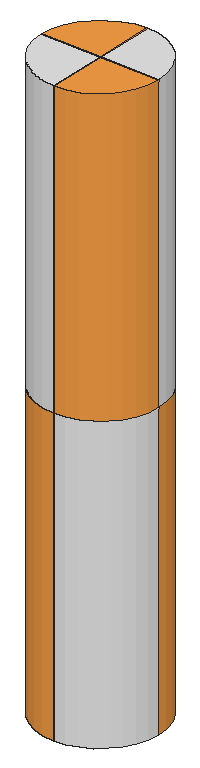
Revit family "DBU_GM_UN_Opening-SymbolicCircular_gen_BERSnl", category Generic Models, Revit 2022
Family settings
  Can host rebar = No
  Round Connector Dimension = Use Diameter
  Part Type = Normal
  Work Plane-Based = No
  Always vertical = No
  Cut with Voids When Loaded = No
  Maintain Annotation Orientation = No
  Shared = No
  Room Calculation Point = No
Parameters (values of type "Floor")
  Wall = no
  ViewCutPlaneUp [instance] = 1500 mm
  ViewCutPlaneDown [instance] = 1500 mm
  Response [instance] = if(DBU_OpeningStatus = 0, "Request", if(DBU_OpeningStatus = 1, "Declined", if(DBU_OpeningStatus = 2, "Approved", if(DBU_OpeningStatus = 3, "Approved Drilling", if(DBU_OpeningStatus = 4, "On Hold", if(DBU_OpeningStatus = 5, "Executed", "Invalid"))))))  # "Request"
  Request [instance] = DBU_OpeningStatus = 0  # yes
  ParameterLock [instance] = 0 mm  # constant formula
  On Hold [instance] = DBU_OpeningStatus = 3  # no
  Not Drilling [instance] = yes
  Floor = not(Wall)  # yes
  Execution Type [instance] = if(Not Drilling, "Not Drilling", "Drilling")  # "Not Drilling"
  Executed [instance] = DBU_OpeningStatus = 4  # no
  Drilling [instance] = not(Not Drilling)  # no
  Default Elevation = 0 mm
  Declined [instance] = DBU_OpeningStatus = 1  # no
  DBU_OpeningStatus [instance] = 0
  DBU_CTE_Zone [instance] = ""
  DBU_CTE_Z Value - Top [instance] = ""
  DBU_CTE_Z Value - Center [instance] = ""
  DBU_CTE_Z Coordinate Value [instance] = ""
  DBU_CTE_Opening Host Link [instance] = ""
  DBU_CTE_Opening Host Element [instance] = ""
  DBU_CTE_Opening Host Category [instance] = ""
  DBU_CTE_Level [instance] = ""
  DBU_CTE_ID [instance] = ""
  DBU_CTE_Host ID [instance] = ""
  DBU_CTE_Discipline [instance] = ""
  DBU_CTE_Classificatie [instance] = ""
  DBU_CTE_BuildingPart [instance] = ""
  DBU_CLE_Radius [instance] = (DBU_CLE_Diameter / 2) + ParameterLock  # 100 mm
  DBU_CLE_Diameter [instance] = 200 mm
  DBU_CLE_Depth [instance] = 1000 mm
  Approved [instance] = DBU_OpeningStatus = 2  # no
Types (2, lengths in mm): name | Wall | Floor
  Floor | no | yes
  Wall | yes | no
Reference planes
  plane 1 "Center (Front/Back)": y = 0
  plane 2: z = 0
  plane 3 "Center (Left/Right)": x = 0
  plane 4: z = -100
  plane 5: z = -1000
  plane 6: z = -500
  plane 7: z = 1500
  plane 8: z = -2500
  plane 9: z = 1500
  plane 10: z = -1700
  plane 11: z = -200
Lines and regions (mm)
  model lines, style "InvisibleLines", visible <- "Floor"
    curve 1: line (0, 0, -2500) -> (0, 0, 1500)
  model lines, style "InvisibleLines", visible <- "Wall"
    curve 2: line (0, 0, -1700) -> (0, 0, 1500)
Dimensions and locks
  "DBU_CLE_Radius": level to plane 4
  "DBU_CLE_Depth": level to plane 5
  equal spacing: level, plane 6, plane 5
  "ViewCutPlaneDown": plane 5 to plane 8
  "ViewCutPlaneUp": plane 7 to level
  "ViewCutPlaneUp": plane 9 to level
  "ViewCutPlaneDown": plane 11 to plane 10
  "DBU_CLE_Diameter": level to plane 11
  aligned and locked: level to plane 2
  aligned and locked: plane 3 "Center (Left/Right)" to nested 1
  aligned and locked: plane 1 "Center (Front/Back)" to nested 1
  aligned and locked: level to nested 1
  aligned and locked: curve 1 to plane 3 "Center (Left/Right)"
  aligned and locked: curve 1 to plane 1 "Center (Front/Back)"
  aligned and locked: plane 3 "Center (Left/Right)" to nested 3
  aligned and locked: nested 2 to plane 1 "Center (Front/Back)"
  aligned and locked: level to nested 2
  aligned and locked: nested 5 to plane 1 "Center (Front/Back)"
  aligned and locked: nested 5 to plane 6
  aligned and locked: plane 6 to nested 6
  aligned and locked: nested 6 to plane 3 "Center (Left/Right)"
  aligned and locked: plane 1 "Center (Front/Back)" to nested 7
  aligned and locked: plane 3 "Center (Left/Right)" to nested 7
  aligned and locked: nested 8 to plane 4
  aligned and locked: plane 3 "Center (Left/Right)" to nested 8
  aligned and locked: plane 7 to curve 1
  aligned and locked: plane 8 to curve 1
  aligned and locked: plane 9 to curve 2
  aligned and locked: plane 10 to curve 2
  aligned and locked: curve 2 to plane 3 "Center (Left/Right)"
Nested families
  nested 1: "DBU_OpeningCircular" at (0, 0, 0), Depth <- "DBU_CLE_Depth", Diameter <- "DBU_CLE_Diameter", ConstructorStatus <- "DBU_OpeningStatus", visible <- "Wall", type "Wall"
    with Request yes, RecessNeutral Color RGB 230-230-230, Radius 100 mm, OnHold no, Executed no, Diameter 200 mm, Depth 1000 mm, Declined no, ConstructorStatus 0, Approved no
  nested 2: "DBU_OpeningCircular" at (0, -100, -500) x (1, 0, 0) z (0, -1, 0), Depth <- "DBU_CLE_Depth", Diameter <- "DBU_CLE_Diameter", visible <- "Floor", ConstructorStatus <- "DBU_OpeningStatus", type "Floor"
    with Request yes, RecessNeutral Color RGB 230-230-230, Radius 100 mm, OnHold no, Executed no, Diameter 200 mm, Depth 1000 mm, Declined no, ConstructorStatus 0, Approved no
  nested 3: "DBU_00_DI_WB_Opening Detail_gen_BERSnl" at (0, 0, 0) x (0, 1, 0) z (0, 0, 1), visible <- "Wall", Length <- "DBU_CLE_Depth", Width <- "DBU_CLE_Diameter", type "DBU_00_DI_WB_Opening Detail_gen_BERSnl"
    with Width 200 mm, Length 1000 mm
  nested 4: "DBU_00_DI_WB_Opening Detail_gen_BERSnl" at (0, 0, -100) x (0, 1, 0) z (1, 0, 0), visible <- "Wall", Length <- "DBU_CLE_Depth", Width <- "DBU_CLE_Diameter", type "DBU_00_DI_WB_Opening Detail_gen_BERSnl"
    with Width 200 mm, Length 1000 mm
  nested 5: "DBU_00_DI_WB_Opening Detail_gen_BERSnl" at (0, 0, -500) x (0, 0, -1) z (1, 0, 0), Length <- "DBU_CLE_Depth", Width <- "DBU_CLE_Diameter", visible <- "Floor", type "DBU_00_DI_WB_Opening Detail_gen_BERSnl"
    with Width 200 mm, Length 1000 mm
  nested 6: "DBU_00_DI_WB_Opening Detail_gen_BERSnl" at (0, 0, -500) x (0, 0, 1) z (0, -1, 0), Length <- "DBU_CLE_Depth", Width <- "DBU_CLE_Diameter", visible <- "Floor", type "DBU_00_DI_WB_Opening Detail_gen_BERSnl"
    with Width 200 mm, Length 1000 mm
  nested 7: "DBU_00_DI_UN_Opening Detail - Rond_gen_BERSnl" at (0, 0, 0), DiameterOpening <- "DBU_CLE_Diameter", visible <- "Floor", type "DBU_00_DI_UN_Opening Detail - Rond_gen_BERSnl"
    with DiameterOpening 200 mm
  nested 8: "DBU_00_DI_UN_Opening Detail - Rond_gen_BERSnl" at (0, 0, -100) x (1, 0, 0) z (0, -1, 0), DiameterOpening <- "DBU_CLE_Diameter", visible <- "Wall", type "DBU_00_DI_UN_Opening Detail - Rond_gen_BERSnl"
    with DiameterOpening 200 mm
Definition of nested family "DBU_OpeningCircular"
  Parameters (values of type "Floor")
    Request [instance] = not(or(Declined, Approved, OnHold, Executed))  # yes
    RecessNeutral [instance] = none
    Radius [instance] = Diameter / 2  # 75 mm
    OnHold [instance] = ConstructorStatus = 3  # no
    Executed [instance] = ConstructorStatus = 4  # no
    Diameter [instance] = 150 mm
    Depth [instance] = 1000 mm
    Default Elevation = 1219.2 mm
    Declined [instance] = ConstructorStatus = 1  # no
    ConstructorStatus [instance] = 0
    Approved [instance] = ConstructorStatus = 2  # no
  Types (2): name
    Floor
    Wall
  Reference planes
    plane 1 "Center (Front/Back)": y = 0
    plane 2: z = 0
    plane 3 "Center (Left/Right)": x = 0
    plane 4: y = 500
    plane 5: y = -500
    plane 6: z = -75
    plane 7: z = -150
  Forms (mm)
    Extrusion 1, solid, visible <- "Request"
      sketch origin (0, 0, 0) x (1, 0, 0) y (0, 0, 1)
        loop
          line (0, -75) -> (0, 0)
          arc (0, 0) -> (-53.033, -21.967) -> (-75, -75) r 75
          line (-75, -75) -> (0, -75)
      from 0 to 500
    Extrusion 2, solid, material <- "RecessNeutral"
      sketch origin (0, 0, 0) x (1, 0, 0) y (0, 0, 1)
        loop
          line (0, -75) -> (75, -75)
          arc (75, -75) -> (53.033, -21.967) -> (0, 0) r 75
          line (0, 0) -> (0, -75)
      from 0 to 500
    Extrusion 3, solid, material <- "RecessNeutral"
      sketch origin (0, 0, 0) x (1, 0, 0) y (0, 0, 1)
        loop
          arc (-75, -75) -> (-53.033, -128.033) -> (0, -150) r 75
          line (0, -150) -> (0, -75) -> (-75, -75)
      from 0 to 500
    Extrusion 4, solid, visible <- "Request"
      sketch origin (0, 0, 0) x (1, 0, 0) y (0, 0, 1)
        loop
          line (75, -75) -> (0, -75) -> (0, -150)
          arc (0, -150) -> (53.033, -128.033) -> (75, -75) r 75
      from 0 to 500
    Extrusion 5, solid, visible <- "Request"
      sketch origin (0, 0, 0) x (1, 0, 0) y (0, 0, 1)
        loop
          arc (75, -75) -> (53.033, -21.967) -> (0, 0) r 75
          line (0, 0) -> (0, -75) -> (75, -75)
      from -500 to 0
    Extrusion 6, solid, material <- "RecessNeutral"
      sketch origin (0, 0, 0) x (1, 0, 0) y (0, 0, 1)
        loop
          line (75, -75) -> (0, -75) -> (0, -150)
          arc (0, -150) -> (53.033, -128.033) -> (75, -75) r 75
      from -500 to 0
    Extrusion 7, solid, material <- "RecessNeutral"
      sketch origin (0, 0, 0) x (1, 0, 0) y (0, 0, 1)
        loop
          arc (0, 0) -> (-53.033, -21.967) -> (-75, -75) r 75
          line (-75, -75) -> (0, -75) -> (0, 0)
      from -500 to 0
    Extrusion 8, solid, visible <- "Request"
      sketch origin (0, 0, 0) x (1, 0, 0) y (0, 0, 1)
        loop
          line (0, -150) -> (0, -75) -> (-75, -75)
          arc (-75, -75) -> (-53.033, -128.033) -> (0, -150) r 75
      from -500 to 0
    Extrusion 9, solid, visible <- "Declined"
      sketch origin (0, 0, 0) x (1, 0, 0) y (0, 0, 1)
        loop
          line (0, -75) -> (0, 0)
          arc (0, 0) -> (-53.033, -21.967) -> (-75, -75) r 75
          line (-75, -75) -> (0, -75)
      from 0 to 500
    Extrusion 10, solid, visible <- "Declined"
      sketch origin (0, 0, 0) x (1, 0, 0) y (0, 0, 1)
        loop
          line (75, -75) -> (0, -75) -> (0, -150)
          arc (0, -150) -> (53.033, -128.033) -> (75, -75) r 75
      from 0 to 500
    Extrusion 11, solid, visible <- "Declined"
      sketch origin (0, 0, 0) x (1, 0, 0) y (0, 0, 1)
        loop
          arc (75, -75) -> (53.033, -21.967) -> (0, 0) r 75
          line (0, 0) -> (0, -75) -> (75, -75)
      from -500 to 0
    Extrusion 12, solid, visible <- "Declined"
      sketch origin (0, 0, 0) x (1, 0, 0) y (0, 0, 1)
        loop
          line (0, -150) -> (0, -75) -> (-75, -75)
          arc (-75, -75) -> (-53.033, -128.033) -> (0, -150) r 75
      from -500 to 0
    Extrusion 13, solid, visible <- "Approved"
      sketch origin (0, 0, 0) x (1, 0, 0) y (0, 0, 1)
        loop
          line (0, -75) -> (0, 0)
          arc (0, 0) -> (-53.033, -21.967) -> (-75, -75) r 75
          line (-75, -75) -> (0, -75)
      from 0 to 500
    Extrusion 14, solid, visible <- "Approved"
      sketch origin (0, 0, 0) x (1, 0, 0) y (0, 0, 1)
        loop
          line (75, -75) -> (0, -75) -> (0, -150)
          arc (0, -150) -> (53.033, -128.033) -> (75, -75) r 75
      from 0 to 500
    Extrusion 15, solid, visible <- "Approved"
      sketch origin (0, 0, 0) x (1, 0, 0) y (0, 0, 1)
        loop
          arc (75, -75) -> (53.033, -21.967) -> (0, 0) r 75
          line (0, 0) -> (0, -75) -> (75, -75)
      from -500 to 0
    Extrusion 16, solid, visible <- "Approved"
      sketch origin (0, 0, 0) x (1, 0, 0) y (0, 0, 1)
        loop
          line (0, -150) -> (0, -75) -> (-75, -75)
          arc (-75, -75) -> (-53.033, -128.033) -> (0, -150) r 75
      from -500 to 0
    Extrusion 17, solid, visible <- "OnHold"
      sketch origin (0, 0, 0) x (1, 0, 0) y (0, 0, 1)
        loop
          line (0, -75) -> (0, 0)
          arc (0, 0) -> (-53.033, -21.967) -> (-75, -75) r 75
          line (-75, -75) -> (0, -75)
      from 0 to 500
    Extrusion 18, solid, visible <- "OnHold"
      sketch origin (0, 0, 0) x (1, 0, 0) y (0, 0, 1)
        loop
          line (75, -75) -> (0, -75) -> (0, -150)
          arc (0, -150) -> (53.033, -128.033) -> (75, -75) r 75
      from 0 to 500
    Extrusion 19, solid, visible <- "OnHold"
      sketch origin (0, 0, 0) x (1, 0, 0) y (0, 0, 1)
        loop
          arc (75, -75) -> (53.033, -21.967) -> (0, 0) r 75
          line (0, 0) -> (0, -75) -> (75, -75)
      from -500 to 0
    Extrusion 20, solid, visible <- "OnHold"
      sketch origin (0, 0, 0) x (1, 0, 0) y (0, 0, 1)
        loop
          line (0, -150) -> (0, -75) -> (-75, -75)
          arc (-75, -75) -> (-53.033, -128.033) -> (0, -150) r 75
      from -500 to 0
    Extrusion 21, solid, visible <- "Executed"
      sketch origin (0, 0, 0) x (1, 0, 0) y (0, 0, 1)
        loop
          line (0, -75) -> (0, 0)
          arc (0, 0) -> (-53.033, -21.967) -> (-75, -75) r 75
          line (-75, -75) -> (0, -75)
      from 0 to 500
    Extrusion 22, solid, visible <- "Executed"
      sketch origin (0, 0, 0) x (1, 0, 0) y (0, 0, 1)
        loop
          line (75, -75) -> (0, -75) -> (0, -150)
          arc (0, -150) -> (53.033, -128.033) -> (75, -75) r 75
      from 0 to 500
    Extrusion 23, solid, visible <- "Executed"
      sketch origin (0, 0, 0) x (1, 0, 0) y (0, 0, 1)
        loop
          arc (75, -75) -> (53.033, -21.967) -> (0, 0) r 75
          line (0, 0) -> (0, -75) -> (75, -75)
      from -500 to 0
    Extrusion 24, solid, visible <- "Executed"
      sketch origin (0, 0, 0) x (1, 0, 0) y (0, 0, 1)
        loop
          line (0, -150) -> (0, -75) -> (-75, -75)
          arc (-75, -75) -> (-53.033, -128.033) -> (0, -150) r 75
      from -500 to 0
  Dimensions and locks
    equal spacing: plane 4, plane 1 "Center (Front/Back)", plane 5
    "Depth": plane 4 to plane 5
    "Radius": level to plane 6
    "Radius": plane 6 to plane 7
    "Radius": radius of Extrusion 1 sketch curve
    "Radius": radius of Extrusion 2 sketch curve
    "Radius": radius of Extrusion 3 sketch curve
    "Radius": radius of Extrusion 4 sketch curve
    "Radius": radius of Extrusion 5 sketch curve
    "Radius": radius of Extrusion 6 sketch curve
    "Radius": radius of Extrusion 7 sketch curve
    "Radius": radius of Extrusion 8 sketch curve
    "Radius": radius of Extrusion 9 sketch curve
    "Radius": radius of Extrusion 10 sketch curve
    "Radius": radius of Extrusion 11 sketch curve
    "Radius": radius of Extrusion 12 sketch curve
    "Radius": radius of Extrusion 13 sketch curve
    "Radius": radius of Extrusion 14 sketch curve
    "Radius": radius of Extrusion 15 sketch curve
    "Radius": radius of Extrusion 16 sketch curve
    "Radius": radius of Extrusion 17 sketch curve
    "Radius": radius of Extrusion 18 sketch curve
    "Radius": radius of Extrusion 19 sketch curve
    "Radius": radius of Extrusion 20 sketch curve
    "Radius": radius of Extrusion 21 sketch curve
    "Radius": radius of Extrusion 22 sketch curve
    "Radius": radius of Extrusion 23 sketch curve
    "Radius": radius of Extrusion 24 sketch curve
    aligned and locked: level to plane 2
    aligned and locked: plane 3 "Center (Left/Right)" to Extrusion 1 sketch curve
    aligned and locked: plane 6 to Extrusion 1 sketch curve
    aligned and locked: Extrusion 1 to plane 5
    aligned and locked: plane 3 "Center (Left/Right)" to Extrusion 2 sketch curve  (x2)
    aligned and locked: Extrusion 2 sketch curve to plane 6
    aligned and locked: plane 6 to Extrusion 2 sketch curve
    aligned and locked: Extrusion 2 to plane 5
    aligned and locked: Extrusion 3 sketch curve to plane 6
    aligned and locked: Extrusion 3 sketch curve to plane 3 "Center (Left/Right)"
    aligned and locked: plane 3 "Center (Left/Right)" to Extrusion 3 sketch curve
    aligned and locked: plane 6 to Extrusion 3 sketch curve
    aligned and locked: Extrusion 3 to plane 5
    aligned and locked: plane 3 "Center (Left/Right)" to Extrusion 4 sketch curve
    aligned and locked: plane 6 to Extrusion 4 sketch curve  (x2)
    aligned and locked: Extrusion 4 sketch curve to plane 3 "Center (Left/Right)"
    aligned and locked: Extrusion 4 to plane 5
    aligned and locked: Extrusion 1 to plane 1 "Center (Front/Back)"
    aligned and locked: Extrusion 2 to plane 1 "Center (Front/Back)"
    aligned and locked: Extrusion 4 to plane 1 "Center (Front/Back)"
    aligned and locked: Extrusion 3 to plane 1 "Center (Front/Back)"
    aligned and locked: Extrusion 5 sketch curve to plane 3 "Center (Left/Right)"
    aligned and locked: Extrusion 5 sketch curve to plane 6
    aligned and locked: plane 3 "Center (Left/Right)" to Extrusion 5 sketch curve
    aligned and locked: plane 6 to Extrusion 5 sketch curve
    aligned and locked: plane 4 to Extrusion 5
    aligned and locked: plane 1 "Center (Front/Back)" to Extrusion 5
    aligned and locked: Extrusion 6 sketch curve to plane 6
    aligned and locked: plane 3 "Center (Left/Right)" to Extrusion 6 sketch curve  (x2)
    aligned and locked: plane 6 to Extrusion 6 sketch curve
    aligned and locked: plane 4 to Extrusion 6
    aligned and locked: plane 1 "Center (Front/Back)" to Extrusion 6
    aligned and locked: plane 3 "Center (Left/Right)" to Extrusion 7 sketch curve  (x2)
    aligned and locked: Extrusion 7 sketch curve to plane 6
    aligned and locked: plane 6 to Extrusion 7 sketch curve
    aligned and locked: plane 4 to Extrusion 7
    aligned and locked: plane 1 "Center (Front/Back)" to Extrusion 7
    aligned and locked: Extrusion 8 sketch curve to plane 3 "Center (Left/Right)"
    aligned and locked: Extrusion 8 sketch curve to plane 6
    aligned and locked: plane 3 "Center (Left/Right)" to Extrusion 8 sketch curve
    aligned and locked: plane 6 to Extrusion 8 sketch curve
    aligned and locked: plane 4 to Extrusion 8
    aligned and locked: plane 1 "Center (Front/Back)" to Extrusion 8
    aligned and locked: plane 6 to Extrusion 9 sketch curve  (x2)
    aligned and locked: plane 3 "Center (Left/Right)" to Extrusion 9 sketch curve  (x2)
    aligned and locked: Extrusion 9 to plane 1 "Center (Front/Back)"
    aligned and locked: Extrusion 9 to plane 5
    aligned and locked: Extrusion 10 sketch curve to plane 3 "Center (Left/Right)"
    aligned and locked: plane 6 to Extrusion 10 sketch curve  (x2)
    aligned and locked: plane 3 "Center (Left/Right)" to Extrusion 10 sketch curve
    aligned and locked: Extrusion 10 to plane 1 "Center (Front/Back)"
    aligned and locked: Extrusion 10 to plane 5
    aligned and locked: Extrusion 11 sketch curve to plane 3 "Center (Left/Right)"
    aligned and locked: Extrusion 11 sketch curve to plane 6
    aligned and locked: plane 3 "Center (Left/Right)" to Extrusion 11 sketch curve
    aligned and locked: plane 6 to Extrusion 11 sketch curve
    aligned and locked: plane 1 "Center (Front/Back)" to Extrusion 11
    aligned and locked: plane 4 to Extrusion 11
    aligned and locked: Extrusion 12 sketch curve to plane 3 "Center (Left/Right)"
    aligned and locked: Extrusion 12 sketch curve to plane 6
    aligned and locked: plane 3 "Center (Left/Right)" to Extrusion 12 sketch curve
    aligned and locked: plane 6 to Extrusion 12 sketch curve
    aligned and locked: plane 1 "Center (Front/Back)" to Extrusion 12
    aligned and locked: plane 4 to Extrusion 12
    aligned and locked: plane 6 to Extrusion 13 sketch curve  (x2)
    aligned and locked: plane 3 "Center (Left/Right)" to Extrusion 13 sketch curve  (x2)
    aligned and locked: Extrusion 13 to plane 1 "Center (Front/Back)"
    aligned and locked: Extrusion 13 to plane 5
    aligned and locked: Extrusion 14 sketch curve to plane 3 "Center (Left/Right)"
    aligned and locked: plane 6 to Extrusion 14 sketch curve  (x2)
    aligned and locked: plane 3 "Center (Left/Right)" to Extrusion 14 sketch curve
    aligned and locked: Extrusion 14 to plane 1 "Center (Front/Back)"
    aligned and locked: Extrusion 14 to plane 5
    aligned and locked: Extrusion 15 sketch curve to plane 6
    aligned and locked: plane 6 to Extrusion 15 sketch curve
    aligned and locked: Extrusion 15 sketch curve to plane 3 "Center (Left/Right)"
    aligned and locked: plane 3 "Center (Left/Right)" to Extrusion 15 sketch curve
    aligned and locked: plane 1 "Center (Front/Back)" to Extrusion 15
    aligned and locked: plane 4 to Extrusion 15
    aligned and locked: Extrusion 16 sketch curve to plane 3 "Center (Left/Right)"
    aligned and locked: plane 3 "Center (Left/Right)" to Extrusion 16 sketch curve
    aligned and locked: plane 6 to Extrusion 16 sketch curve
    aligned and locked: Extrusion 16 sketch curve to plane 6
    aligned and locked: plane 1 "Center (Front/Back)" to Extrusion 16
    aligned and locked: plane 4 to Extrusion 16
    aligned and locked: plane 6 to Extrusion 17 sketch curve  (x2)
    aligned and locked: plane 3 "Center (Left/Right)" to Extrusion 17 sketch curve  (x2)
    aligned and locked: Extrusion 17 to plane 1 "Center (Front/Back)"
    aligned and locked: Extrusion 17 to plane 5
    aligned and locked: Extrusion 18 sketch curve to plane 3 "Center (Left/Right)"
    aligned and locked: plane 3 "Center (Left/Right)" to Extrusion 18 sketch curve
    aligned and locked: plane 6 to Extrusion 18 sketch curve  (x2)
    aligned and locked: Extrusion 18 to plane 1 "Center (Front/Back)"
    aligned and locked: Extrusion 18 to plane 5
    aligned and locked: plane 3 "Center (Left/Right)" to Extrusion 19 sketch curve
    aligned and locked: Extrusion 19 sketch curve to plane 3 "Center (Left/Right)"
    aligned and locked: plane 6 to Extrusion 19 sketch curve
    aligned and locked: Extrusion 19 sketch curve to plane 6
    aligned and locked: plane 1 "Center (Front/Back)" to Extrusion 19
    aligned and locked: plane 4 to Extrusion 19
    aligned and locked: Extrusion 20 sketch curve to plane 3 "Center (Left/Right)"
    aligned and locked: plane 6 to Extrusion 20 sketch curve
    aligned and locked: Extrusion 20 sketch curve to plane 6
    aligned and locked: plane 3 "Center (Left/Right)" to Extrusion 20 sketch curve
    aligned and locked: plane 1 "Center (Front/Back)" to Extrusion 20
    aligned and locked: plane 4 to Extrusion 20
    aligned and locked: plane 6 to Extrusion 21 sketch curve  (x2)
    aligned and locked: plane 3 "Center (Left/Right)" to Extrusion 21 sketch curve  (x2)
    aligned and locked: Extrusion 21 to plane 1 "Center (Front/Back)"
    aligned and locked: Extrusion 21 to plane 5
    aligned and locked: Extrusion 22 sketch curve to plane 3 "Center (Left/Right)"
    aligned and locked: plane 3 "Center (Left/Right)" to Extrusion 22 sketch curve
    aligned and locked: plane 6 to Extrusion 22 sketch curve  (x2)
    aligned and locked: Extrusion 22 to plane 1 "Center (Front/Back)"
    aligned and locked: Extrusion 22 to plane 5
    aligned and locked: Extrusion 23 sketch curve to plane 6
    aligned and locked: plane 6 to Extrusion 23 sketch curve
    aligned and locked: Extrusion 23 sketch curve to plane 3 "Center (Left/Right)"
    aligned and locked: plane 3 "Center (Left/Right)" to Extrusion 23 sketch curve
    aligned and locked: plane 1 "Center (Front/Back)" to Extrusion 23
    aligned and locked: plane 4 to Extrusion 23
    aligned and locked: Extrusion 24 sketch curve to plane 3 "Center (Left/Right)"
    aligned and locked: plane 3 "Center (Left/Right)" to Extrusion 24 sketch curve
    aligned and locked: Extrusion 24 sketch curve to plane 6
    aligned and locked: plane 6 to Extrusion 24 sketch curve
    aligned and locked: plane 4 to Extrusion 24
    aligned and locked: plane 1 "Center (Front/Back)" to Extrusion 24
Definition of nested family "DBU_00_DI_WB_Opening Detail_gen_BERSnl"
  Parameters (values of type "DBU_00_DI_WB_Opening Detail_gen_BERSnl")
    Width [instance] = 500 mm
    Length [instance] = 1200 mm
  Reference planes
    plane 1 "Center (Front/Back)": y = 0
    plane 2: z = 0
    plane 3 "Center (Left/Right)": x = 0
    plane 4: x = -600
    plane 5: y = 250
    plane 6: x = 600
    plane 7: y = -250
  Lines and regions (mm)
    detail lines, in view "Ref. Level"
      curve 1: line (-600, -250, 0) -> (-600, 250, 0)
      curve 2: line (-600, 250, 0) -> (600, 250, 0)
      curve 3: line (600, 250, 0) -> (600, -250, 0)
      curve 4: line (600, -250, 0) -> (-600, -250, 0)
      curve 5: line (-600, -250, 0) -> (600, 250, 0)
      curve 6: line (-600, 250, 0) -> (600, -250, 0)
  Dimensions and locks
    equal spacing: plane 5, plane 1 "Center (Front/Back)", plane 7
    "Width": plane 5 to plane 7
    equal spacing: plane 4, plane 3 "Center (Left/Right)", plane 6
    "Length": plane 4 to plane 6
    aligned and locked: curve 1 to plane 4
    aligned and locked: curve 2 to plane 5
    aligned and locked: curve 3 to plane 6
    aligned and locked: plane 7 to curve 4
Definition of nested family "DBU_00_DI_UN_Opening Detail - Rond_gen_BERSnl"
  Parameters (values of type "DBU_00_DI_UN_Opening Detail - Rond_gen_BERSnl")
    DiameterOpening [instance] = 800 mm
  Reference planes
    plane 1 "Center (Front/Back)": y = 0
    plane 2: z = 0
    plane 3 "Center (Left/Right)": x = 0
  Lines and regions (mm)
    reference lines, in view "Ref. Level"
      curve 1: circle (0, 0, 0) r 400 normal (0, 0, 1)
      curve 2: line (0, 0, 0) -> (876.812, 876.812, 0)
      curve 5: line (0, 0, 0) -> (-678.823, 678.823, 0)
    detail lines, in view "Ref. Level"
      curve 3: circle (0, 0, 0) r 400 normal (0, 0, 1)
      curve 4: line (-282.843, -282.843, 0) -> (282.843, 282.843, 0)
      curve 6: line (-282.843, 282.843, 0) -> (282.843, -282.843, 0)
  Dimensions and locks
    "DiameterOpening": diameter of curve 1
    locked: plane 1 "Center (Front/Back)" to curve 2 (angle 45.00°)
    locked: curve 5 to plane 1 "Center (Front/Back)" (angle 45.00°)
    aligned and locked: plane 3 "Center (Left/Right)" to curve 1
    aligned and locked: plane 1 "Center (Front/Back)" to curve 1
    aligned and locked: plane 1 "Center (Front/Back)" to curve 2
    aligned and locked: curve 3 to curve 1
    aligned and locked: curve 4 to curve 2
    aligned and locked: plane 3 "Center (Left/Right)" to curve 5
    aligned and locked: curve 6 to curve 5
